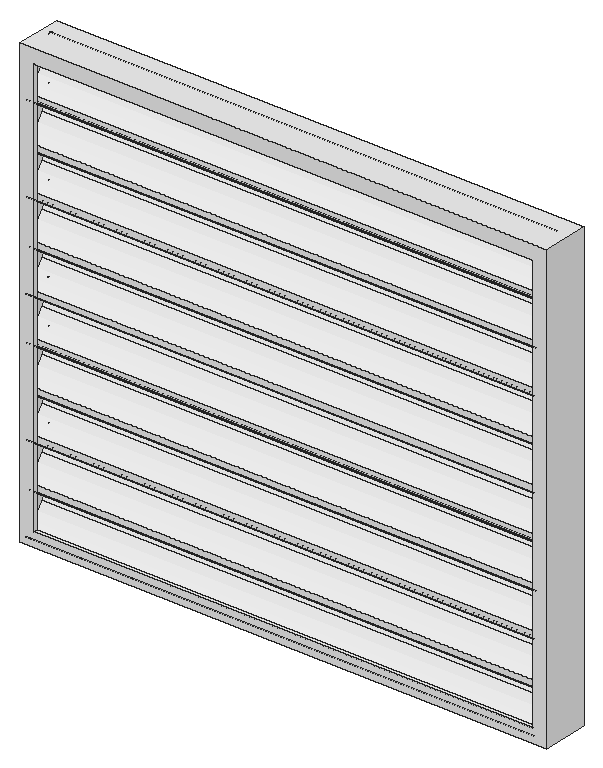
Revit family
Parameters (values of type "OHL-C-34")
  URL = "http://www.productspec.net/products/18502/holyoake-industries-ltd/small-blade-outside-horizontal-louvers-ohl-34.aspx"
  Type Comments = "34mm Horizontal Curved Profile Louvers in Channel Surround"
  Technical Data = "http://www.collate.co.nz/nas/TechnicalFiles/2367/p18502/F6-F7%20OHL45%2034.pdf"
  Ownership = "Holyoake Industries Limited"
  Overall Opening Width = Exact Neck Width - 12.00 mm * 2  # 436.00 mm
  Overall Opening Height = Exact Neck Height - 12.00 mm * 2  # 366.00 mm
  Blade Setout = Exact Neck Height - 6.00 mm  # 384.00 mm
  Channel Thickness = 40.14 mm
  Nominal Width = 466.00 mm
  Nominal Height = 396.00 mm
  Model = "OHL-C-34"
  Manufacturer = "Holyoake Industries Limited"
  Keynote = ""
  Channel Width = 25.40 mm
  Exact Overall Channel Height = Nominal Height + 42.20 mm  # 438.20 mm
  Exact Overall Channel Width = Nominal Width + 42.20 mm  # 508.20 mm
  Exact Neck Width = Nominal Width - 6.00 mm  # 460.00 mm
  Exact Neck Height = Nominal Height - 6.00 mm  # 390.00 mm
  Description = "Holyoake Outside Horizontal Louver"
  Created By = "Productspec Limited"
  Frame & Blades = Aluminium
  Top Blade Height = Blade Setout - Blade Cut Setout  # 42.00 mm
  Blade Pitch = 38.00 mm
  Blade Offset = 3.00 mm
  Blade Length = Exact Neck Width - 6.00 mm  # 454.00 mm
  Blade Height = 56.77 mm
  Blade Cut Setout = Blade Count * Blade Pitch  # 342.00 mm
  Blade Count = Blade Array Count - 1  # 9
  Blade Array Count = Blade Setout / Blade Pitch  # 10.1053
  Author = "Zinder Zhao"
  Accessories = "Aluminium Bird mesh or insect mesh (fibreglass)"
Reference planes
  plane 1 "Center (Front/Back)": y = 0
  plane 2: z = 3
  plane 3 "Center (Left/Right)": x = -3
  plane 4: x = -230
  plane 5: x = 224
  plane 6 "Overall Opening": z = 387
  plane 7: y = 40.14
  plane 8: z = 41
  plane 9: y = 3
  plane 10: x = -233
  plane 11: x = 227
  plane 12: x = 230
  plane 13: x = -236
  plane 14: z = 390
  plane 15: z = -3
  plane 16: z = 393
  plane 17: z = 195
  plane 18: z = 59.77
  plane 19 "Cut Blade Setout": z = 345
  plane 20: y = 37.14
  plane 21: x = 215
  plane 22: x = -221
  plane 23: z = 378
  plane 24: z = 12
Forms (mm)
  Sweep 1, solid, material "Aluminium" <- "Frame & Blades", detail levels fine
    path origin (0, 0, 0) x (1, 0, 0) y (0, 0, 1)
      loop
        line (224, 3) -> (224, 387) -> (-230, 387) -> (-230, 3) -> (224, 3)
    profile origin (224, 0, 195) x (-1, 0, 0) y (0, -1, 0)
      loop
        line (-3, 0) -> (-3, -40.14) -> (9, -40.14) -> (9, -37.14) -> (0, -37.14) -> (0, -3) -> (9, -3) -> (9, 0) -> (-3, 0)
  Extrusion 2, solid, material "Aluminium" <- "Frame & Blades", detail levels coarse+medium
    sketch origin (0, 0, 0) x (1, 0, 0) y (0, 1, 0)
      loop
        line (-233, 40.14) -> (-233, 0) -> (227, 0) -> (227, 40.14) -> (-233, 40.14)
    from 0 to 390
Dimensions and locks
  equal spacing: plane 10, plane 3 "Center (Left/Right)", plane 11
  "Exact Neck Width": plane 10 to plane 11
  "Nominal Width": plane 13 to plane 12
  "Channel Thickness": plane 1 "Center (Front/Back)" to plane 7
  locked: plane 10 to plane 4 at 3
  locked: plane 13 to plane 10 at 3
  equal spacing: plane 14, plane 17, level
  "Exact Neck Height": plane 14 to level
  "Nominal Height": plane 16 to plane 15
  locked: plane 14 to plane 6 "Overall Opening" at 3
  locked: plane 16 to plane 14 at 3
  "Blade Height": plane 18 to plane 2
  equal spacing: group 1, group 2, group 3, group 4, group 5, group 6, group 7, group 8, group 9  (x3)
  "Blade Pitch": plane 8 to plane 2
  "Blade Cut Setout": plane 19 "Cut Blade Setout" to plane 2
  "Blade Length": plane 4 to plane 5
  "Blade Setout": plane 6 "Overall Opening" to plane 2
  "Overall Opening Width": plane 22 to plane 21
  "Overall Opening Height": plane 24 to plane 23
  locked: plane 21 to plane 11 at 12
  locked: plane 6 "Overall Opening" to plane 23 at 9
  aligned and locked: plane 6 "Overall Opening" to Sweep 1 sketch curve
  aligned and locked: Sweep 1 sketch curve to plane 4
  aligned and locked: plane 5 to Sweep 1 sketch curve
  aligned and locked: Sweep 1 sketch curve to plane 2
  aligned and locked: plane 3 "Center (Left/Right)" to nested 1
  aligned and locked: plane 18 to nested 1
  aligned and locked: nested 1 to nested 1
  aligned and locked: nested 2 to nested 2
  aligned and locked: nested 3 to nested 3
  aligned and locked: nested 4 to nested 4
  aligned and locked: plane 3 "Center (Left/Right)" to nested 5
  aligned and locked: nested 5 to plane 19 "Cut Blade Setout"  (x2)
  aligned and locked: nested 2 to plane 8
  aligned and locked: plane 9 to Sweep 1 sketch curve
  aligned and locked: plane 11 to Sweep 1 sketch curve
  aligned and locked: plane 7 to Sweep 1 sketch curve
  aligned and locked: Sweep 1 sketch curve to plane 20
  aligned and locked: nested 5 to plane 9
  aligned and locked: nested 1 to plane 9
  aligned and locked: nested 1 to Sweep 1
  aligned and locked: plane 2 to Sweep 1
  aligned and locked: plane 21 to Sweep 1 sketch curve  (x2)
  aligned and locked: plane 1 "Center (Front/Back)" to Sweep 1 sketch curve
  aligned and locked: Sweep 1 sketch curve to plane 5
  aligned and locked: nested 6 to nested 6
  aligned and locked: nested 7 to nested 7
  aligned and locked: nested 8 to nested 8
  aligned and locked: nested 9 to nested 9
  aligned and locked: Extrusion 2 sketch curve to Sweep 1  (x3)
  aligned and locked: Sweep 1 to Extrusion 2 sketch curve
  aligned and locked: Extrusion 2 to level
  aligned and locked: plane 14 to Extrusion 2
  aligned and locked: nested 10 to nested 10
Nested families
  nested 1: "Holyoake_OutsideLouvre_OHL-34_Blade" at (-3, 3, 3), type "Holyoake_OutsideLouvre_OHL-34_Blade"
    with Length 454.00 mm
  nested 2: "Holyoake_OutsideLouvre_OHL-34_Blade" at (-3, 3, 41), type "Holyoake_OutsideLouvre_OHL-34_Blade"
    with Length 454.00 mm
  nested 3: "Holyoake_OutsideLouvre_OHL-34_Blade" at (-3, 3, 79), type "Holyoake_OutsideLouvre_OHL-34_Blade"
    with Length 454.00 mm
  nested 4: "Holyoake_OutsideLouvre_OHL-34_Blade" at (-3, 3, 117), type "Holyoake_OutsideLouvre_OHL-34_Blade"
    with Length 454.00 mm
  nested 5: "Holyoake_OutsideLouvre_OHL-34_BladeWithVoid" at (-3, 3, 345), type "Holyoake_OutsideLouvre_OHL-34_Blade"
    with Length 454.00 mm, Blade cut setout 42.00 mm
  nested 6: "Holyoake_OutsideLouvre_OHL-34_Blade" at (-3, 3, 155), type "Holyoake_OutsideLouvre_OHL-34_Blade"
    with Length 454.00 mm
  nested 7: "Holyoake_OutsideLouvre_OHL-34_Blade" at (-3, 3, 193), type "Holyoake_OutsideLouvre_OHL-34_Blade"
    with Length 454.00 mm
  nested 8: "Holyoake_OutsideLouvre_OHL-34_Blade" at (-3, 3, 231), type "Holyoake_OutsideLouvre_OHL-34_Blade"
    with Length 454.00 mm
  nested 9: "Holyoake_OutsideLouvre_OHL-34_Blade" at (-3, 3, 269), type "Holyoake_OutsideLouvre_OHL-34_Blade"
    with Length 454.00 mm
  nested 10: "Holyoake_OutsideLouvre_OHL-34_Blade" at (-3, 3, 307), type "Holyoake_OutsideLouvre_OHL-34_Blade"
    with Length 454.00 mm
Connectors
  hvac at (-3, 40.14, 195), driven by "Overall Opening Width", driven by "Overall Opening Height"
    settings: on Sweep 1, index 1
Definition of nested family "Holyoake_OutsideLouvre_OHL-34_Blade"
  Parameters (values of type "Holyoake_OutsideLouvre_OHL-34_Blade")
    URL = "http://www.holyoake.co.nz/407.0.html"
    Type Comments = "Outside Louvre Blade"
    Ownership = "Holyoake lndustries Limited"
    Model = "OHL-34 Blade"
    Manufacturer = "Holyoake lndustries Limited"
    Created by = "Productspec Limited"
    Length = 444.00 mm
    Blade = Aluminium
    Width = 34.14 mm
    Height = 56.77 mm
    Author = "Zinder Zhao"
    Assembly Code = ""
  Reference planes
    plane 1 "Center (Front/Back)": y = 0
    plane 2: z = 0
    plane 3 "Center (Left/Right)": x = 0
    plane 4: z = 56.77
    plane 5: y = 34.14
    plane 6: z = 1.3
    plane 7: y = 1.3
    plane 8: y = 2.38
    plane 9: z = 55.27
    plane 10: y = 31.74
    plane 11: y = 32.84
    plane 12: y = 24.12
    plane 13: y = 21.95
    plane 14: z = 6.37
    plane 15: y = 28.09
    plane 16: z = 51.35
    plane 17: z = 43.64
    plane 18: through (-117, 28.09, 43.64) normal (0, -0.5, -0.866)
    plane 19: through (-117, 37.293, 55.508) normal (0, -0.8684, 0.4959)
    plane 20: z = 41.642
    plane 21: z = 40.46
    plane 22: z = 49.61
    plane 23: x = 222
    plane 24: x = -222
  Forms (mm)
    Extrusion 1, solid, material "Aluminium" <- "Blade", detail levels fine
      sketch origin (-117, 0, 0) x (0, 1, 0) y (0, 0, 1)
        loop
          line (1.3, 1.137) -> (1.3, 5.572)
          arc (1.3, 5.572) -> (10.426, 12.242) -> (17.582, 20.993) r 44.595
          line (17.582, 20.993) -> (28.738, 40.527)
          arc (28.738, 40.527) -> (29.563, 40.822) -> (30.275, 41.332) r 3.18
          arc (30.275, 41.332) -> (30.3, 42.251) -> (29.38, 42.277) r 0.65
          arc (29.38, 42.277) -> (26.859, 42.223) -> (26.56, 44.727) r 1.877
          line (26.56, 44.727) -> (30.029, 49.611)
          arc (30.029, 49.611) -> (30.516, 49.936) -> (31.09, 50.05) r 1.5
          line (31.09, 50.05) -> (32.279, 50.05)
          arc (32.279, 50.05) -> (32.854, 49.936) -> (33.341, 49.61) r 1.5
          line (33.341, 49.61) -> (34.14, 49.61) -> (34.14, 56.77) -> (32.39, 56.768)
          arc (32.39, 56.768) -> (31.787, 55.876) -> (32.84, 55.649) r 0.65
          line (32.84, 55.649) -> (32.84, 52.958)
          arc (32.84, 52.958) -> (32.481, 51.868) -> (31.456, 51.35) r 1.5
          line (31.456, 51.35) -> (30.654, 51.35)
          arc (30.654, 51.35) -> (29.105, 50.883) -> (28.073, 49.636) r 2.801
          arc (28.073, 49.636) -> (25.551, 45.913) -> (22.262, 42.847) r 20
          arc (22.262, 42.847) -> (22.063, 41.926) -> (22.992, 41.773) r 0.65
          arc (22.992, 41.773) -> (25.815, 41.866) -> (26.424, 39.108) r 2.21
          line (26.424, 39.108) -> (16.666, 22.022)
          arc (16.666, 22.022) -> (9.485, 12.969) -> (0, 6.37) r 39.67
          line (0, 6.37) -> (0, 0.65)
          arc (0, 0.65) -> (0.19, 0.19) -> (0.65, 0) r 0.65
          line (0.65, 0) -> (1.73, 0)
          arc (1.73, 0) -> (2.338, 0.88) -> (1.3, 1.137) r 0.65
      from -105 to 339
  Dimensions and locks
    "Height": plane 4 to plane 2
    "Width": plane 5 to plane 1 "Center (Front/Back)"
    "Length": plane 24 to plane 23
    equal spacing: plane 24, plane 3 "Center (Left/Right)", plane 23
    aligned and locked: plane 4 to Extrusion 1 sketch curve
    aligned and locked: Extrusion 1 sketch curve to plane 2
    aligned and locked: plane 1 "Center (Front/Back)" to Extrusion 1 sketch curve
    aligned and locked: Extrusion 1 sketch curve to plane 5
    aligned and locked: Extrusion 1 sketch curve to plane 11
    aligned and locked: Extrusion 1 sketch curve to plane 7
    aligned and locked: Extrusion 1 sketch curve to plane 19
    aligned and locked: Extrusion 1 to plane 24
    aligned and locked: plane 23 to Extrusion 1
  Automatic sketch dimensions
    Extrusion 1 sketch curve to Extrusion 1 sketch curve = 0.00 mm  (x3)
    Extrusion 1 sketch curve to plane 15 = 0.00 mm
    Extrusion 1 sketch curve to plane 16 = 0.00 mm
    Extrusion 1 sketch curve to plane 22 = 0.00 mm
    Extrusion 1 sketch curve to plane 14 = 0.00 mm
    Extrusion 1 sketch curve to plane 17 = 0.00 mm
    plane 20 to Extrusion 1 sketch curve = 0.245 mm
    plane 17 to Extrusion 1 sketch curve = 0.98 mm
    Extrusion 1 sketch curve to Extrusion 1 sketch curve = 2.568 mm
    Extrusion 1 sketch curve to plane 1 "Center (Front/Back)" = 0.65 mm
    Extrusion 1 sketch curve to plane 7 = 0.43 mm
    plane 4 to Extrusion 1 sketch curve = 2.148 mm
    Extrusion 1 sketch curve to plane 8 = 7.977 mm
    plane 13 to Extrusion 1 sketch curve = 5.284 mm
    Extrusion 1 sketch curve to Extrusion 1 sketch curve = 0.916 mm
    Extrusion 1 sketch curve to plane 13 = 0.312 mm
    Extrusion 1 sketch curve to Extrusion 1 sketch curve = 0.338 mm
    plane 20 to Extrusion 1 sketch curve = 0.132 mm
    Extrusion 1 sketch curve to Extrusion 1 sketch curve = 0.392 mm
    Extrusion 1 sketch curve to plane 12 = 0.339 mm
    plane 15 to Extrusion 1 sketch curve = 1.666 mm
    plane 15 to Extrusion 1 sketch curve = 1.53 mm
    plane 15 to Extrusion 1 sketch curve = 0.017 mm
    plane 21 to Extrusion 1 sketch curve = 0.067 mm
    plane 20 to Extrusion 1 sketch curve = 0.635 mm
    Extrusion 1 sketch curve to plane 15 = 1.29 mm
    Extrusion 1 sketch curve to Extrusion 1 sketch curve = 0.001 mm  (x2)
    plane 20 to Extrusion 1 sketch curve = 0.162 mm
    Extrusion 1 sketch curve to Extrusion 1 sketch curve = 0.447 mm  (x2)
    plane 22 to Extrusion 1 sketch curve = 0.001 mm
    plane 10 to Extrusion 1 sketch curve = 1.711 mm
    Extrusion 1 sketch curve to plane 20 = 0.31 mm
    plane 10 to Extrusion 1 sketch curve = 1.086 mm
    plane 22 to Extrusion 1 sketch curve = 0.44 mm
    Extrusion 1 sketch curve to Extrusion 1 sketch curve = 1.061 mm
    plane 10 to Extrusion 1 sketch curve = 0.396 mm
    plane 10 to Extrusion 1 sketch curve = 0.284 mm
    Extrusion 1 sketch curve to plane 10 = 0.539 mm
    plane 11 to Extrusion 1 sketch curve = 0.45 mm
    plane 5 to Extrusion 1 sketch curve = 0.799 mm
    Extrusion 1 sketch curve to Extrusion 1 sketch curve = 0.65 mm
    Extrusion 1 sketch curve to plane 14 = 0.798 mm
    Extrusion 1 sketch curve to plane 21 = 1.352 mm
    Extrusion 1 sketch curve to Extrusion 1 sketch curve = 0.518 mm
    Extrusion 1 sketch curve to Extrusion 1 sketch curve = 1.496 mm
    plane 9 to Extrusion 1 sketch curve = 0.379 mm
    Extrusion 1 sketch curve to Extrusion 1 sketch curve = 0.469 mm
Definition of nested family "Holyoake_OutsideLouvre_OHL-34_BladeWithVoid"
  Parameters (values of type "Holyoake_OutsideLouvre_OHL-34_Blade")
    URL = "http://www.holyoake.co.nz/407.0.html"
    Type Comments = "Outside Louvre Blade"
    Ownership = "Holyoake lndustries Limited"
    Model = "OHL-34 Blade"
    Manufacturer = "Holyoake lndustries Limited"
    Created by = "Productspec Limited"
    Length = 444.00 mm
    Blade cut setout = 40.00 mm
    Blade = Aluminium
    Width = 34.14 mm
    Height = 56.77 mm
    Author = "Zinder Zhao"
    Assembly Code = ""
  Reference planes
    plane 1 "Center (Front/Back)": y = 0
    plane 2: z = 0
    plane 3 "Center (Left/Right)": x = 0
    plane 4: z = 56.77
    plane 5: y = 34.14
    plane 6: z = 1.3
    plane 7: y = 1.3
    plane 8: y = 2.38
    plane 9: z = 55.27
    plane 10: y = 31.74
    plane 11: y = 32.84
    plane 12: y = 24.12
    plane 13: y = 21.95
    plane 14: z = 6.37
    plane 15: y = 28.09
    plane 16: z = 51.35
    plane 17: z = 43.64
    plane 18: through (-117, 28.09, 43.64) normal (0, -0.5, -0.866)
    plane 19: through (-117, 37.293, 55.508) normal (0, -0.8684, 0.4959)
    plane 20: z = 41.642
    plane 21: z = 40.46
    plane 22: z = 49.61
    plane 23: x = 222
    plane 24: x = -222
    plane 25 "Blade cut setout": z = 40
  Forms (mm)
    Extrusion 1, solid, material "Aluminium" <- "Blade", detail levels fine
      sketch origin (-117, 0, 0) x (0, 1, 0) y (0, 0, 1)
        loop
          line (1.3, 1.137) -> (1.3, 5.572)
          arc (1.3, 5.572) -> (10.426, 12.242) -> (17.582, 20.993) r 44.595
          line (17.582, 20.993) -> (28.738, 40.527)
          arc (28.738, 40.527) -> (29.563, 40.822) -> (30.275, 41.332) r 3.18
          arc (30.275, 41.332) -> (30.3, 42.251) -> (29.38, 42.277) r 0.65
          arc (29.38, 42.277) -> (26.859, 42.223) -> (26.56, 44.727) r 1.877
          line (26.56, 44.727) -> (30.029, 49.611)
          arc (30.029, 49.611) -> (30.516, 49.936) -> (31.09, 50.05) r 1.5
          line (31.09, 50.05) -> (32.279, 50.05)
          arc (32.279, 50.05) -> (32.854, 49.936) -> (33.341, 49.61) r 1.5
          line (33.341, 49.61) -> (34.14, 49.61) -> (34.14, 56.77) -> (32.39, 56.768)
          arc (32.39, 56.768) -> (31.787, 55.876) -> (32.84, 55.649) r 0.65
          line (32.84, 55.649) -> (32.84, 52.958)
          arc (32.84, 52.958) -> (32.481, 51.868) -> (31.456, 51.35) r 1.5
          line (31.456, 51.35) -> (30.654, 51.35)
          arc (30.654, 51.35) -> (29.105, 50.883) -> (28.073, 49.636) r 2.801
          arc (28.073, 49.636) -> (25.551, 45.913) -> (22.262, 42.847) r 20
          arc (22.262, 42.847) -> (22.063, 41.926) -> (22.992, 41.773) r 0.65
          arc (22.992, 41.773) -> (25.815, 41.866) -> (26.424, 39.108) r 2.21
          line (26.424, 39.108) -> (16.666, 22.022)
          arc (16.666, 22.022) -> (9.485, 12.969) -> (0, 6.37) r 39.67
          line (0, 6.37) -> (0, 0.65)
          arc (0, 0.65) -> (0.19, 0.19) -> (0.65, 0) r 0.65
          line (0.65, 0) -> (1.73, 0)
          arc (1.73, 0) -> (2.338, 0.88) -> (1.3, 1.137) r 0.65
      from -105 to 339
    Extrusion 2, void
      sketch origin (0, 0, 40) x (0, 1, 0) y (-1, 0, 0)
        loop
          line (34.14, 222) -> (0, 222) -> (0, -222) -> (34.14, -222) -> (34.14, 222)
      from 0 to 100
  Cuts and joins
    Extrusion 2 cuts Extrusion 1
  Dimensions and locks
    "Height": plane 4 to plane 2
    "Width": plane 5 to plane 1 "Center (Front/Back)"
    "Length": plane 24 to plane 23
    equal spacing: plane 24, plane 3 "Center (Left/Right)", plane 23
    "Blade cut setout": plane 25 "Blade cut setout" to plane 2
    aligned and locked: plane 4 to Extrusion 1 sketch curve
    aligned and locked: Extrusion 1 sketch curve to plane 2
    aligned and locked: plane 1 "Center (Front/Back)" to Extrusion 1 sketch curve
    aligned and locked: Extrusion 1 sketch curve to plane 5
    aligned and locked: Extrusion 1 sketch curve to plane 11
    aligned and locked: Extrusion 1 sketch curve to plane 7
    aligned and locked: Extrusion 1 sketch curve to plane 19
    aligned and locked: Extrusion 1 to plane 24
    aligned and locked: plane 23 to Extrusion 1
    aligned and locked: Extrusion 2 sketch curve to plane 24
    aligned and locked: plane 1 "Center (Front/Back)" to Extrusion 2 sketch curve
    aligned and locked: plane 23 to Extrusion 2 sketch curve
    aligned and locked: Extrusion 2 sketch curve to plane 5
  Automatic sketch dimensions
    Extrusion 1 sketch curve to Extrusion 1 sketch curve = 0.00 mm  (x3)
    Extrusion 1 sketch curve to plane 15 = 0.00 mm
    Extrusion 1 sketch curve to plane 16 = 0.00 mm
    Extrusion 1 sketch curve to plane 22 = 0.00 mm
    Extrusion 1 sketch curve to plane 14 = 0.00 mm
    Extrusion 1 sketch curve to plane 17 = 0.00 mm
    plane 20 to Extrusion 1 sketch curve = 0.245 mm
    plane 17 to Extrusion 1 sketch curve = 0.98 mm
    Extrusion 1 sketch curve to Extrusion 1 sketch curve = 2.568 mm
    Extrusion 1 sketch curve to plane 1 "Center (Front/Back)" = 0.65 mm
    Extrusion 1 sketch curve to plane 7 = 0.43 mm
    plane 4 to Extrusion 1 sketch curve = 2.148 mm
    Extrusion 1 sketch curve to plane 8 = 7.977 mm
    plane 13 to Extrusion 1 sketch curve = 5.284 mm
    Extrusion 1 sketch curve to Extrusion 1 sketch curve = 0.916 mm
    Extrusion 1 sketch curve to plane 13 = 0.312 mm
    Extrusion 1 sketch curve to Extrusion 1 sketch curve = 0.338 mm
    plane 20 to Extrusion 1 sketch curve = 0.132 mm
    Extrusion 1 sketch curve to Extrusion 1 sketch curve = 0.392 mm
    Extrusion 1 sketch curve to plane 12 = 0.339 mm
    plane 15 to Extrusion 1 sketch curve = 1.666 mm
    plane 15 to Extrusion 1 sketch curve = 1.53 mm
    plane 15 to Extrusion 1 sketch curve = 0.017 mm
    plane 21 to Extrusion 1 sketch curve = 0.067 mm
    plane 20 to Extrusion 1 sketch curve = 0.635 mm
    Extrusion 1 sketch curve to plane 15 = 1.29 mm
    Extrusion 1 sketch curve to Extrusion 1 sketch curve = 0.001 mm  (x2)
    plane 20 to Extrusion 1 sketch curve = 0.162 mm
    Extrusion 1 sketch curve to Extrusion 1 sketch curve = 0.447 mm  (x2)
    plane 22 to Extrusion 1 sketch curve = 0.001 mm
    plane 10 to Extrusion 1 sketch curve = 1.711 mm
    Extrusion 1 sketch curve to plane 20 = 0.31 mm
    plane 10 to Extrusion 1 sketch curve = 1.086 mm
    plane 22 to Extrusion 1 sketch curve = 0.44 mm
    Extrusion 1 sketch curve to Extrusion 1 sketch curve = 1.061 mm
    plane 10 to Extrusion 1 sketch curve = 0.396 mm
    plane 10 to Extrusion 1 sketch curve = 0.284 mm
    Extrusion 1 sketch curve to plane 10 = 0.539 mm
    plane 11 to Extrusion 1 sketch curve = 0.45 mm
    plane 5 to Extrusion 1 sketch curve = 0.799 mm
    Extrusion 1 sketch curve to Extrusion 1 sketch curve = 0.65 mm
    Extrusion 1 sketch curve to plane 14 = 0.798 mm
    Extrusion 1 sketch curve to plane 21 = 1.352 mm
    Extrusion 1 sketch curve to Extrusion 1 sketch curve = 0.518 mm
    Extrusion 1 sketch curve to Extrusion 1 sketch curve = 1.496 mm
    plane 9 to Extrusion 1 sketch curve = 0.379 mm
    Extrusion 1 sketch curve to Extrusion 1 sketch curve = 0.469 mm
